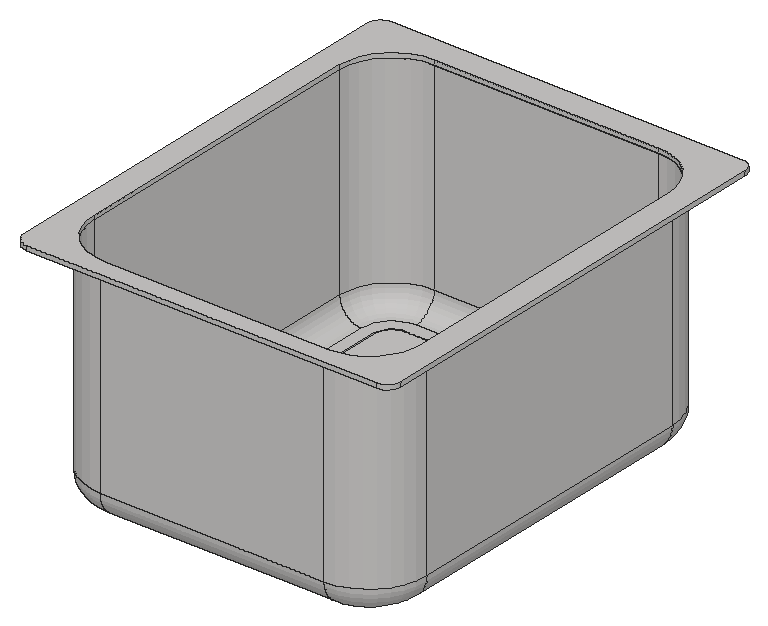
Revit family "QF_Vollrath_131-9", category Specialty Equipment, Revit 2016
Family settings
  Part Type = Normal
  Round Connector Dimension = Use Diameter
  OmniClass Number = 23.40.40.14.31
  OmniClass Title = Cleaning and Disposal Equipment
  Work Plane-Based = Yes
  Always vertical = Yes
  Cut with Voids When Loaded = No
  Shared = No
  Room Calculation Point = No
Parameters
  Width = 0' - 10 3/4"
  Weight in Pounds = 0
  Watermarked By = "http://revitwatermark.com"
  URL Cutsheet = ""
  Status [instance] = ""
  Specification by User [instance] = ""
  Specification by Manufacturer [instance] = ""
  Sink Width = 0' - 11 3/4"
  Sink Depth = 0' - 10 3/4"
  Sink Basin Depth = 0' - 6 1/2"
  Serial Number [instance] = ""
  Seismic Rating [instance] = ""
  SMACNA No [instance] = ""
  Revision Code [instance] = ""
  NAFEM Spec ID Number [instance] = ""
  Model = "131-9"
  Masterspec [instance] = ""
  Manufacturer = "Vollrath"
  Item Number [instance] = "-"
  Installed By [instance] = ""
  Indirect Waste Size = 2"
  Indirect Waste Flow [instance] = 0.00 GPM
  Indirect Waste Connection Type [instance] = ""
  Indirect Waste Connection Height [instance] = 0' - 0"
  Furnished By [instance] = ""
  Foodservice Equipment Identifier [instance] = yes
  Description = "Bar Sink"  # constant formula
  Depth = 1' - 1"
  Default Elevation = 4' - 0"
  CSI MasterFormat = ""
  Assembly Code = ""
Reference planes (in)
  plane 1 "BACK": y = 0
  plane 2 "BOTTOM": z = 0
  plane 3 "LEFT": x = 0
  plane 4 "RIGHT": x = 10.75
  plane 5 "FRONT": y = -13
  plane 6: x = 5.375
  plane 7 "Sink Bottom": z = -6.5
  plane 8 "Bottom of Skirt": z = -1.5625
  plane 9 "LIP1": z = -0.125
  plane 10: y = -0.75
  plane 11: y = -12.5
  plane 12: y = -6.625
  plane 13: x = 0.6875
  plane 14: x = 10.0625
Forms (in)
  Extrusion 1, solid, material "QF_Finishes_Stainless Steel"
    sketch origin (0, 0, 0) x (1, 0, 0) y (0, 1, 0)
      loop
        arc (0.375, 0) -> (0.10983, -0.10983) -> (0, -0.375) r 0.375
        line (0, -0.375) -> (0, -12.625)
        arc (0, -12.625) -> (0.10983, -12.89017) -> (0.375, -13) r 0.375
        line (0.375, -13) -> (10.375, -13)
        arc (10.375, -13) -> (10.64017, -12.89017) -> (10.75, -12.625) r 0.375
        line (10.75, -12.625) -> (10.75, -0.375)
        arc (10.75, -0.375) -> (10.64017, -0.10983) -> (10.375, 0) r 0.375
        line (10.375, 0) -> (0.375, 0)
      loop
        arc (2.1875, -0.75) -> (1.12684, -1.18934) -> (0.6875, -2.25) r 1.5
        line (0.6875, -2.25) -> (0.6875, -11)
        arc (0.6875, -11) -> (1.12684, -12.06066) -> (2.1875, -12.5) r 1.5
        line (2.1875, -12.5) -> (8.5625, -12.5)
        arc (8.5625, -12.5) -> (9.62316, -12.06066) -> (10.0625, -11) r 1.5
        line (10.0625, -11) -> (10.0625, -2.25)
        arc (10.0625, -2.25) -> (9.62316, -1.18934) -> (8.5625, -0.75) r 1.5
        line (8.5625, -0.75) -> (2.1875, -0.75)
    from 0 to 0.125
  Extrusion 2, solid, material "QF_Finishes_Stainless Steel"
    sketch origin (0, 0, -6.5) x (-1, 0, 0) y (0, -1, 0)
      loop
        line (-8.5625, 1.75) -> (-2.1875, 1.75)
        arc (-2.1875, 1.75) -> (-1.83395, 1.89645) -> (-1.6875, 2.25) r 0.5
        line (-1.6875, 2.25) -> (-1.6875, 11)
        arc (-1.6875, 11) -> (-1.83395, 11.35355) -> (-2.1875, 11.5) r 0.5
        line (-2.1875, 11.5) -> (-8.5625, 11.5)
        arc (-8.5625, 11.5) -> (-8.91605, 11.35355) -> (-9.0625, 11) r 0.5
        line (-9.0625, 11) -> (-9.0625, 2.25)
        arc (-9.0625, 2.25) -> (-8.91605, 1.89645) -> (-8.5625, 1.75) r 0.5
      loop
        circle (-5.375, 6.625) r 1
    from 0 to 0.125
  Sweep 3, solid, material "QF_Finishes_Stainless Steel"
    path origin (0, 0, -6.5) x (-1, 0, 0) y (0, -1, 0)
      loop
        line (-0.6875, 2.25) -> (-0.6875, 11)
        arc (-0.6875, 11) -> (-1.12684, 12.06066) -> (-2.1875, 12.5) r 1.5
        line (-2.1875, 12.5) -> (-8.5625, 12.5)
        arc (-8.5625, 12.5) -> (-9.62316, 12.06066) -> (-10.0625, 11) r 1.5
        line (-10.0625, 11) -> (-10.0625, 2.25)
        arc (-10.0625, 2.25) -> (-9.62316, 1.18934) -> (-8.5625, 0.75) r 1.5
        line (-8.5625, 0.75) -> (-2.1875, 0.75)
        arc (-2.1875, 0.75) -> (-1.12684, 1.18934) -> (-0.6875, 2.25) r 1.5
    profile origin (0.6875, -6.625, -6.5) x (1, 0, 0) y (0, 0, 1)
      loop
        line (0, 6.5) -> (-0.125, 6.5) -> (-0.125, 0.75)
        arc (-0.125, 0.75) -> (0.09467, 0.21967) -> (0.625, 0) r 0.75
        line (0.625, 0) -> (1, 0) -> (1, 0.125) -> (0.625, 0.125)
        arc (0.625, 0.125) -> (0.18306, 0.30806) -> (0, 0.75) r 0.625
        line (0, 0.75) -> (0, 6.5)
Lines and regions (in)
  symbolic lines
    curve 1: line (0.375, 0, -6.5) -> (10.375, 0, -6.5)
    curve 2: arc (0.375, 0, -6.5) -> (0.10983, -0.10983, -6.5) -> (0, -0.375, -6.5) r 0.375
    curve 3: line (0, -12.625, -6.5) -> (0, -0.375, -6.5)
    curve 4: arc (0, -12.625, -6.5) -> (0.10983, -12.89017, -6.5) -> (0.375, -13, -6.5) r 0.375
    curve 5: line (10.375, -13, -6.5) -> (0.375, -13, -6.5)
    curve 6: arc (10.375, -13, -6.5) -> (10.64017, -12.89017, -6.5) -> (10.75, -12.625, -6.5) r 0.375
    curve 7: line (10.75, -0.375, -6.5) -> (10.75, -12.625, -6.5)
    curve 8: arc (10.75, -0.375, -6.5) -> (10.64017, -0.10983, -6.5) -> (10.375, 0, -6.5) r 0.375
  symbolic lines, style "QF_Surface Details"
    curve 9: line (8.5625, -0.75, -6.5) -> (2.1875, -0.75, -6.5)
    curve 10: arc (0.6875, -2.25, -6.5) -> (1.12684, -1.18934, -6.5) -> (2.1875, -0.75, -6.5) r 1.5
    curve 11: line (0.6875, -2.25, -6.5) -> (0.6875, -11, -6.5)
    curve 12: arc (2.1875, -12.5, -6.5) -> (1.12684, -12.06066, -6.5) -> (0.6875, -11, -6.5) r 1.5
    curve 13: line (2.1875, -12.5, -6.5) -> (8.5625, -12.5, -6.5)
    curve 14: arc (10.0625, -11, -6.5) -> (9.62316, -12.06066, -6.5) -> (8.5625, -12.5, -6.5) r 1.5
    curve 15: line (10.0625, -11, -6.5) -> (10.0625, -2.25, -6.5)
    curve 16: arc (8.5625, -0.75, -6.5) -> (9.62316, -1.18934, -6.5) -> (10.0625, -2.25, -6.5) r 1.5
    curve 17: circle (5.375, -6.625, -6.5) r 1 normal (0, 0, -1)
Dimensions and locks (in)
  locked: plane 3 "LEFT" to plane 4 "RIGHT" at 10.75
  "Depth": plane 5 "FRONT" to plane 1 "BACK"
  equal spacing: plane 3 "LEFT", plane 6, plane 4 "RIGHT"
  "Sink Basin Depth": level to plane 7 "Sink Bottom"
  locked: level to plane 8 "Bottom of Skirt" at 1.5625
  equal spacing: plane 10, plane 12, plane 11
  plane 10 to plane 11 = 0' - 11 3/4"
  locked: plane 6 to plane 14 at 4.6875
  locked: plane 13 to plane 6 at 4.6875
  aligned and locked: level to plane 2 "BOTTOM"
  aligned and locked: plane 3 "LEFT" to Extrusion 1 sketch curve
  aligned and locked: Extrusion 1 sketch curve to plane 5 "FRONT"
  aligned and locked: Extrusion 1 sketch curve to plane 4 "RIGHT"
  aligned and locked: plane 1 "BACK" to Extrusion 1 sketch curve
  aligned and locked: Sweep 3 sketch curve to Extrusion 1  (x4)
  aligned and locked: Sweep 3 sketch curve to level
Automatic sketch dimensions
  Extrusion 2 sketch curve to plane 6 = 0' - 0"
  Extrusion 2 sketch curve to plane 12 = 0' - 0"
  Extrusion 2 sketch curve to Extrusion 2 sketch curve = 0' - 0 1/2"  (x4)
  curve 7 to plane 4 "RIGHT" = 0' - 0"
  plane 1 "BACK" to curve 1 = 0' - 0"
  plane 5 "FRONT" to curve 5 = 0' - 0"
  curve 15 to plane 14 = 0' - 0"
  curve 16 to plane 10 = 0' - 0"
  curve 13 to plane 11 = 0' - 0"
  curve 17 to plane 6 = 0' - 0"
  curve 10 to plane 13 = 0' - 0"
  curve 3 to plane 3 "LEFT" = 0' - 0"
  curve 17 to plane 12 = 0' - 0"
  curve 8 to plane 14 = 0' - 0 5/16"
  curve 5 to plane 14 = 0' - 0 5/16"
  curve 14 to curve 14 = 0' - 1 1/2"
  curve 16 to plane 10 = 0' - 1 1/2"
  curve 9 to plane 13 = 0' - 1 1/2"
  curve 12 to plane 13 = 0' - 1 1/2"
  plane 13 to curve 5 = 0' - 0 5/16"
  plane 13 to curve 2 = 0' - 0 5/16"
  plane 14 to Extrusion 2 sketch curve = 0' - 1 1/2"
  Extrusion 2 sketch curve to plane 13 = 0' - 1 1/2"
  Extrusion 2 sketch curve to plane 10 = 0' - 1 1/2"
  plane 11 to Extrusion 2 sketch curve = 0' - 1 1/2"
  Extrusion 1 sketch curve to plane 13 = 0' - 0"
  Extrusion 1 sketch curve to plane 10 = 0' - 0"
  Extrusion 1 sketch curve to plane 11 = 0' - 0"
  plane 13 to Extrusion 1 sketch curve = 0' - 0 5/16"  (x2)
  plane 11 to Extrusion 1 sketch curve = 0' - 1 1/2"
  Extrusion 1 sketch curve to plane 13 = 0' - 1 1/2"
  plane 14 to Extrusion 1 sketch curve = 0' - 1 1/2"
  Extrusion 1 sketch curve to plane 14 = 0' - 0 5/16"  (x2)
  Extrusion 1 sketch curve to plane 10 = 0' - 1 1/2"
  Extrusion 1 sketch curve to plane 14 = 0' - 0"
  Sweep 3 sketch curve to Sweep 3 sketch curve = 0' - 0"  (x2)
  profile plane to Sweep 3 sketch curve = 0' - 0"
  Sweep 3 sketch curve to plane 7 "Sink Bottom" = 0' - 0"
  Sweep 3 sketch curve to Sweep 3 sketch curve = 0' - 0 1/8"
  Sweep 3 sketch curve to Sweep 3 sketch curve = 0' - 0 5/8"
  Sweep 3 sketch curve to Sweep 3 sketch curve = 0' - 0 3/8"
  radius of Extrusion 2 sketch curve = 0' - 1"
  radius of curve 17 = 0' - 1"
Connectors (in)
  piping at (5.375, -6.625, -6.375), diameter 2, driven by "Indirect Waste Flow"
    settings: on Extrusion 2, index 1, connector inside diameter 2", connector length 0' - 0", flow factor 0, pipe flow 0.00 GPM, pressure drop 0.00 psi, fitting loss kfactor 0, connector angle 0.00°, fixture units 0, engagement length 0' - 0", angle of deflection 0.00°, flow configuration 1, flow direction 2, fitting loss method 0, system type 16, joint type 0, gender type 0, connector reference index -1, connector utility 0, adjustable connector no, is connector primary yes, connector description "IW"
